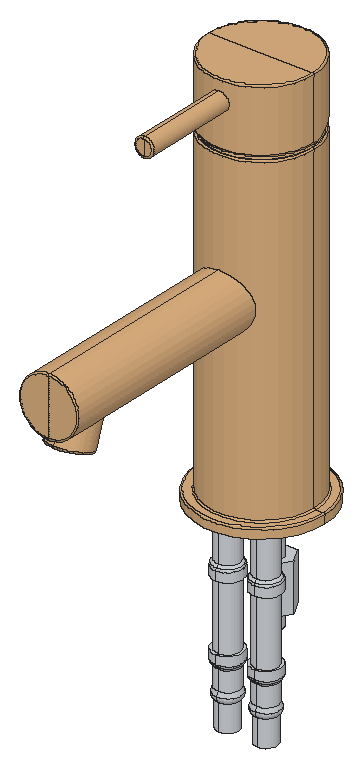
Revit family "Reece_Tap_Sussex_Scala_Basin Mixer", category Plumbing Fixtures, host Face, Revit 2018
Family settings
  Host = Face
  Round Connector Dimension = Use Diameter
  Part Type = Normal
  Cut with Voids When Loaded = No
  Shared = Yes
  Room Calculation Point = Yes
Parameters (values of type "102 mm_5 Star_Living Tumbled Brass")
  WFU = 0  # constant formula
  URL = "https://www.reece.com.au/product/-2263123"
  Type Comments = "Tap"
  Reece_Tap_Reach = 102 mm
  Reece_Tap_Inlet = 12 mm  # constant formula
  Reece_Tap_Clearance = 65 mm
  Reece_Product_Web Page = "https://www.reece.com.au/product/-2263123"
  Reece_Product_Type = "Tap"  # constant formula
  Reece_Product_Sub Brand = "Scala"  # constant formula
  Reece_Product_Number = "2263123"
  Reece_Product_Mount = "Hob Mounted"
  Reece_Product_Description = "Sussex Scala Basin Mixer Tap Living Tumbled Brass (5 Star)"
  Reece_Product_Brand = "Sussex"  # constant formula
  Reece_Pin_Projection = 85 mm
  Reece_Overall_Projection = 140 mm
  Reece_Overall_Height = 170 mm
  Reece_Overall_Diameter = 54 mm
  Reece_Material_Main = Reece_Brass_Living Tumbled
  Reece_Detail_Type = "Basin Mixer"  # constant formula
  Reece_Detail_Disclaimer = "THIS FILE IS THE PROPERTY OF THE REECE GROUP. IT MAY NOT BE REPRODUCED, REVERSE-ENGINEERED OR MODIFIED. ANY REPUBLICATION, TRANSMISSION OR DISTRIBUTION FOR THE PURPOSE OF COMMERCIALLY EXPLOITING THE FILES IS PROHIBITED."  # constant formula
  Reece_Detail_Additional = ""
  Model = "Scala"
  Manufacturer = "Sussex"
  Keynote = "Product #2263123, Reece_Tap_Sussex_Scala_Basin Mixer - 102 mm_5 Star_Living Tumbled Brass"
  HWFU = 0  # constant formula
  Disclaimer = "THIS FILE IS THE PROPERTY OF THE REECE GROUP. IT MAY NOT BE REPRODUCED, REVERSE-ENGINEERED OR MODIFIED. ANY REPUBLICATION, TRANSMISSION OR DISTRIBUTION FOR THE PURPOSE OF COMMERCIALLY EXPLOITING THE FILES IS PROHIBITED."  # constant formula
  Description = "Scala Basin Mixer Tap Living Tumbled Brass (5 Star)"
  Default Elevation = 1000 mm
  CWFU = 0  # constant formula
Types (29, lengths in mm): name | URL | Reece_Tap_Reach | Reece_Product_Web Page | Reece_Product_Number | Reece_Product_Description | Reece_Pin_Projection | Reece_Overall_Projection | Reece_Material_Main | Reece_Detail_Additional | Keynote | Description
  102 mm_6 Star_Brushed Stainless Steel | "https://www.reece.com.au/product/-2262974" | 102 | "https://www.reece.com.au/product/-2262974" | "2262974" | "Sussex Scala Basin Mixer Tap 316 Stainless Steel (6 Star)" | 85 | 140 | Reece_Metal_Brushed Stainless Steel | "" | "Product #2262974, Reece_Tap_Sussex_Scala_Basin Mixer - 102 mm_6 Star_Brushed Stainless Steel" | "Scala Basin Mixer Tap 316 Stainless Steel (6 Star)"
  102 mm_5 Star_Brushed Gold | "https://www.reece.com.au/product/-2263939" | 102 | "https://www.reece.com.au/product/-2263939" | "2263939" | "Sussex Scala Basin Mixer Tap Brushed Gold (5 Star)" | 85 | 140 | Reece_Brass_Brushed Gold | "" | "Product #2263939, Reece_Tap_Sussex_Scala_Basin Mixer - 102 mm_5 Star_Brushed Gold" | "Scala Basin Mixer Tap Brushed Gold (5 Star)"
  102 mm_5 Star_Brushed Gunmetal | "https://www.reece.com.au/product/-2263120" | 102 | "https://www.reece.com.au/product/-2263120" | "2263120" | "Sussex Scala Basin Mixer Tap Brushed Gunmetal (5 Star)" | 85 | 140 | Reece_Brass_Brushed Gunmetal | "" | "Product #2263120, Reece_Tap_Sussex_Scala_Basin Mixer - 102 mm_5 Star_Brushed Gunmetal" | "Scala Basin Mixer Tap Brushed Gunmetal (5 Star)"
  102 mm_5 Star_Brushed Nickel | "https://www.reece.com.au/product/-2263262" | 102 | "https://www.reece.com.au/product/-2263262" | "2263262" | "Sussex Scala Basin Mixer Tap Brushed Nickel (5 Star)" | 85 | 140 | Reece_Brass_Brushed Nickel | "" | "Product #2263262, Reece_Tap_Sussex_Scala_Basin Mixer - 102 mm_5 Star_Brushed Nickel" | "Scala Basin Mixer Tap Brushed Nickel (5 Star)"
  102 mm_5 Star_Chrome | "https://www.reece.com.au/product/-2261570" | 102 | "https://www.reece.com.au/product/-2261570" | "2261570" | "Sussex Scala Basin Mixer Tap Chrome (5 Star)" | 85 | 140 | Reece_Brass_Chrome | "" | "Product #2261570, Reece_Tap_Sussex_Scala_Basin Mixer - 102 mm_5 Star_Chrome" | "Scala Basin Mixer Tap Chrome (5 Star)"
  102 mm_6 Star_Chrome | "https://www.reece.com.au/product/-2262940" | 102 | "https://www.reece.com.au/product/-2262940" | "2262940" | "Sussex Scala Basin Mixer Tap Chrome (6 Star)" | 85 | 140 | Reece_Brass_Chrome | "" | "Product #2262940, Reece_Tap_Sussex_Scala_Basin Mixer - 102 mm_6 Star_Chrome" | "Scala Basin Mixer Tap Chrome (6 Star)"
  102 mm_5 Star_Living Tumbled Brass | "https://www.reece.com.au/product/-2263123" | 102 | "https://www.reece.com.au/product/-2263123" | "2263123" | "Sussex Scala Basin Mixer Tap Living Tumbled Brass (5 Star)" | 85 | 140 | Reece_Brass_Living Tumbled | "" | "Product #2263123, Reece_Tap_Sussex_Scala_Basin Mixer - 102 mm_5 Star_Living Tumbled Brass" | "Scala Basin Mixer Tap Living Tumbled Brass (5 Star)"
  102 mm_5 Star_PVD Brushed Platinum Gold | "https://www.reece.com.au/product/-2268165" | 102 | "https://www.reece.com.au/product/-2268165" | "2268165" | "Sussex Scala Basin Mixer Tap LUX PVD Brushed Platinum Gold (5 Star)" | 85 | 140 | Reece_PVD_Brushed_Platinum Gold | "" | "Product #2268165, Reece_Tap_Sussex_Scala_Basin Mixer - 102 mm_5 Star_PVD Brushed Platinum Gold" | "Scala Basin Mixer Tap LUX PVD Brushed Platinum Gold (5 Star)"
  102 mm_6 Star_PVD Brushed Platinum Gold | "https://www.reece.com.au/product/-2268168" | 102 | "https://www.reece.com.au/product/-2268168" | "2268168" | "Sussex Scala Basin Mixer Tap LUX PVD Brushed Platinum Gold (6 Star)" | 85 | 140 | Reece_PVD_Brushed_Platinum Gold | "" | "Product #2268168, Reece_Tap_Sussex_Scala_Basin Mixer - 102 mm_6 Star_PVD Brushed Platinum Gold" | "Scala Basin Mixer Tap LUX PVD Brushed Platinum Gold (6 Star)"
  102 mm_5 Star_Matte Black | "https://www.reece.com.au/product/-2263121" | 102 | "https://www.reece.com.au/product/-2263121" | "2263121" | "Sussex Scala Basin Mixer Tap Matte Black (5 Star)" | 85 | 140 | Reece_Brass_Matte Black | "" | "Product #2263121, Reece_Tap_Sussex_Scala_Basin Mixer - 102 mm_5 Star_Matte Black" | "Scala Basin Mixer Tap Matte Black (5 Star)"
  102 mm_5 Star_Satin Chrome | "https://www.reece.com.au/product/-2261666" | 102 | "https://www.reece.com.au/product/-2261666" | "2261666" | "Sussex Scala Basin Mixer Tap Satin Chrome (5 Star)" | 85 | 140 | Reece_Brass_Satin Chrome | "" | "Product #2261666, Reece_Tap_Sussex_Scala_Basin Mixer - 102 mm_5 Star_Satin Chrome" | "Scala Basin Mixer Tap Satin Chrome (5 Star)"
  102 mm_5 Star_Chrome_100mm Extension Pin | "https://www.reece.com.au/product/-2262109" | 102 | "https://www.reece.com.au/product/-2262109" | "2262109" | "Sussex Scala Basin Mixer Tap with 100mm Extension Pin Chrome (5 Star)" | 145 | 140 | Reece_Brass_Chrome | "100mm Extension Pin" | "Product #2262109, Reece_Tap_Sussex_Scala_Basin Mixer - 102 mm_5 Star_Chrome_100mm Extension Pin" | "Scala Basin Mixer Tap with 100mm Extension Pin Chrome (5 Star)"
  102 mm_6 Star_Chrome_100mm Extension Pin | "https://www.reece.com.au/product/-2262943" | 102 | "https://www.reece.com.au/product/-2262943" | "2262943" | "Sussex Scala Basin Mixer Tap with 100mm Extension Pin Chrome (6 Star)" | 145 | 140 | Reece_Brass_Chrome | "100mm Extension Pin" | "Product #2262943, Reece_Tap_Sussex_Scala_Basin Mixer - 102 mm_6 Star_Chrome_100mm Extension Pin" | "Scala Basin Mixer Tap with 100mm Extension Pin Chrome (6 Star)"
  102 mm_5 Star_PVD Brushed Platinum Gold_100mm Extension Pin | "https://www.reece.com.au/product/-2268171" | 102 | "https://www.reece.com.au/product/-2268171" | "2268171" | "Sussex Scala Basin Mixer Tap with 100mm Extension Pin LUX PVD Brushed Platinum Gold (5 Star)" | 145 | 140 | Reece_PVD_Brushed_Platinum Gold | "100mm Extension Pin" | "Product #2268171, Reece_Tap_Sussex_Scala_Basin Mixer - 102 mm_5 Star_PVD Brushed Platinum Gold_100mm Extension Pin" | "Scala Basin Mixer Tap with 100mm Extension Pin LUX PVD Brushed Platinum Gold (5 Star)"
  102 mm_6 Star_PVD Brushed Platinum Gold_100mm Extension Pin | "https://www.reece.com.au/product/-2268172" | 102 | "https://www.reece.com.au/product/-2268172" | "2268172" | "Sussex Scala Basin Mixer Tap with 100mm Extension Pin LUX PVD Brushed Platinum Gold (6 Star)" | 145 | 140 | Reece_PVD_Brushed_Platinum Gold | "100mm Extension Pin" | "Product #2268172, Reece_Tap_Sussex_Scala_Basin Mixer - 102 mm_6 Star_PVD Brushed Platinum Gold_100mm Extension Pin" | "Scala Basin Mixer Tap with 100mm Extension Pin LUX PVD Brushed Platinum Gold (6 Star)"
  142 mm_5 Star_Chrome_130mm Outlet | "https://www.reece.com.au/product/-2262939" | 142 | "https://www.reece.com.au/product/-2262939" | "2262939" | "Sussex Scala Basin Mixer Tap with 130mm Outlet Chrome (5 Star)" | 85 | 179 | Reece_Brass_Chrome | "130mm Outlet" | "Product #2262939, Reece_Tap_Sussex_Scala_Basin Mixer - 142 mm_5 Star_Chrome_130mm Outlet" | "Scala Basin Mixer Tap with 130mm Outlet Chrome (5 Star)"
  142 mm_6 Star_Chrome_130mm Outlet | "https://www.reece.com.au/product/-2262941" | 142 | "https://www.reece.com.au/product/-2262941" | "2262941" | "Sussex Scala Basin Mixer Tap with 130mm Outlet Chrome (6 Star)" | 85 | 179 | Reece_Brass_Chrome | "130mm Outlet" | "Product #2262941, Reece_Tap_Sussex_Scala_Basin Mixer - 142 mm_6 Star_Chrome_130mm Outlet" | "Scala Basin Mixer Tap with 130mm Outlet Chrome (6 Star)"
  142 mm_5 Star_PVD Brushed Platinum Gold_130mm Outlet | "https://www.reece.com.au/product/-2268166" | 142 | "https://www.reece.com.au/product/-2268166" | "2268166" | "Sussex Scala Basin Mixer Tap with 130mm Outlet LUX PVD Brushed Platinum Gold (5 Star)" | 85 | 179 | Reece_PVD_Brushed_Platinum Gold | "130mm Outlet" | "Product #2268166, Reece_Tap_Sussex_Scala_Basin Mixer - 142 mm_5 Star_PVD Brushed Platinum Gold_130mm Outlet" | "Scala Basin Mixer Tap with 130mm Outlet LUX PVD Brushed Platinum Gold (5 Star)"
  142 mm_6 Star_PVD Brushed Platinum Gold_130mm Outlet | "https://www.reece.com.au/product/-2268169" | 142 | "https://www.reece.com.au/product/-2268169" | "2268169" | "Sussex Scala Basin Mixer Tap with 130mm Outlet LUX PVD Brushed Platinum Gold (6 Star)" | 85 | 179 | Reece_PVD_Brushed_Platinum Gold | "130mm Outlet" | "Product #2268169, Reece_Tap_Sussex_Scala_Basin Mixer - 142 mm_6 Star_PVD Brushed Platinum Gold_130mm Outlet" | "Scala Basin Mixer Tap with 130mm Outlet LUX PVD Brushed Platinum Gold (6 Star)"
  102 mm_5 Star_Brushed Nickel_150mm Extension Pin | "https://www.reece.com.au/product/-2263599" | 102 | "https://www.reece.com.au/product/-2263599" | "2263599" | "Sussex Scala Basin Mixer Tap with 150mm Extension Pin Brushed Nickel (5 Star)" | 195 | 140 | Reece_Brass_Brushed Nickel | "150mm Extension Pin" | "Product #2263599, Reece_Tap_Sussex_Scala_Basin Mixer - 102 mm_5 Star_Brushed Nickel_150mm Extension Pin" | "Scala Basin Mixer Tap with 150mm Extension Pin Brushed Nickel (5 Star)"
  102 mm_5 Star_Chrome_150mm Extension Pin | "https://www.reece.com.au/product/-2262110" | 102 | "https://www.reece.com.au/product/-2262110" | "2262110" | "Sussex Scala Basin Mixer Tap with 150mm Extension Pin Chrome (5 Star)" | 195 | 140 | Reece_Brass_Chrome | "150mm Extension Pin" | "Product #2262110, Reece_Tap_Sussex_Scala_Basin Mixer - 102 mm_5 Star_Chrome_150mm Extension Pin" | "Scala Basin Mixer Tap with 150mm Extension Pin Chrome (5 Star)"
  102 mm_6 Star_Chrome_150mm Extension Pin | "https://www.reece.com.au/product/-2262944" | 102 | "https://www.reece.com.au/product/-2262944" | "2262944" | "Sussex Scala Basin Mixer Tap with 150mm Extension Pin Chrome (6 Star)" | 195 | 140 | Reece_Brass_Chrome | "150mm Extension Pin" | "Product #2262944, Reece_Tap_Sussex_Scala_Basin Mixer - 102 mm_6 Star_Chrome_150mm Extension Pin" | "Scala Basin Mixer Tap with 150mm Extension Pin Chrome (6 Star)"
  102 mm_5 Star_PVD Brushed Platinum Gold_150mm Extension Pin | "https://www.reece.com.au/product/-2268173" | 102 | "https://www.reece.com.au/product/-2268173" | "2268173" | "Sussex Scala Basin Mixer Tap with 150mm Extension Pin LUX PVD Brushed Platinum Gold (5 Star)" | 195 | 140 | Reece_PVD_Brushed_Platinum Gold | "150mm Extension Pin" | "Product #2268173, Reece_Tap_Sussex_Scala_Basin Mixer - 102 mm_5 Star_PVD Brushed Platinum Gold_150mm Extension Pin" | "Scala Basin Mixer Tap with 150mm Extension Pin LUX PVD Brushed Platinum Gold (5 Star)"
  102 mm_6 Star_PVD Brushed Platinum Gold_150mm Extension Pin | "https://www.reece.com.au/product/-2268174" | 102 | "https://www.reece.com.au/product/-2268174" | "2268174" | "Sussex Scala Basin Mixer Tap with 150mm Extension Pin LUX PVD Brushed Platinum Gold (6 Star)" | 195 | 140 | Reece_PVD_Brushed_Platinum Gold | "150mm Extension Pin" | "Product #2268174, Reece_Tap_Sussex_Scala_Basin Mixer - 102 mm_6 Star_PVD Brushed Platinum Gold_150mm Extension Pin" | "Scala Basin Mixer Tap with 150mm Extension Pin LUX PVD Brushed Platinum Gold (6 Star)"
  102 mm_5 Star_Matte Black_150mm Extension Pin | "https://www.reece.com.au/product/-2263432" | 102 | "https://www.reece.com.au/product/-2263432" | "2263432" | "Sussex Scala Basin Mixer Tap with 150mm Extension Pin Matte Black (5 Star)" | 195 | 140 | Reece_Brass_Matte Black | "150mm Extension Pin" | "Product #2263432, Reece_Tap_Sussex_Scala_Basin Mixer - 102 mm_5 Star_Matte Black_150mm Extension Pin" | "Scala Basin Mixer Tap with 150mm Extension Pin Matte Black (5 Star)"
  162 mm_5 Star_Chrome_150mm Outlet | "https://www.reece.com.au/product/-2262509" | 162 | "https://www.reece.com.au/product/-2262509" | "2262509" | "Sussex Scala Basin Mixer Tap with 150mm Outlet Chrome (5 Star)" | 85 | 199 | Reece_Brass_Chrome | "150mm Outlet" | "Product #2262509, Reece_Tap_Sussex_Scala_Basin Mixer - 162 mm_5 Star_Chrome_150mm Outlet" | "Scala Basin Mixer Tap with 150mm Outlet Chrome (5 Star)"
  162 mm_6 Star_Chrome_150mm Outlet | "https://www.reece.com.au/product/-2262942" | 162 | "https://www.reece.com.au/product/-2262942" | "2262942" | "Sussex Scala Basin Mixer Tap with 150mm Outlet Chrome (6 Star)" | 85 | 199 | Reece_Brass_Chrome | "150mm Outlet" | "Product #2262942, Reece_Tap_Sussex_Scala_Basin Mixer - 162 mm_6 Star_Chrome_150mm Outlet" | "Scala Basin Mixer Tap with 150mm Outlet Chrome (6 Star)"
  162 mm_5 Star_PVD Brushed Platinum Gold_150mm Outlet | "https://www.reece.com.au/product/-2268167" | 162 | "https://www.reece.com.au/product/-2268167" | "2268167" | "Sussex Scala Basin Mixer Tap with 150mm Outlet LUX PVD Brushed Platinum Gold (5 Star)" | 85 | 199 | Reece_PVD_Brushed_Platinum Gold | "150mm Outlet" | "Product #2268167, Reece_Tap_Sussex_Scala_Basin Mixer - 162 mm_5 Star_PVD Brushed Platinum Gold_150mm Outlet" | "Scala Basin Mixer Tap with 150mm Outlet LUX PVD Brushed Platinum Gold (5 Star)"
  162 mm_6 Star_PVD Brushed Platinum Gold_150mm Outlet | "https://www.reece.com.au/product/-2268170" | 162 | "https://www.reece.com.au/product/-2268170" | "2268170" | "Sussex Scala Basin Mixer Tap with 150mm Outlet LUX PVD Brushed Platinum Gold (6 Star)" | 85 | 199 | Reece_PVD_Brushed_Platinum Gold | "150mm Outlet" | "Product #2268170, Reece_Tap_Sussex_Scala_Basin Mixer - 162 mm_6 Star_PVD Brushed Platinum Gold_150mm Outlet" | "Scala Basin Mixer Tap with 150mm Outlet LUX PVD Brushed Platinum Gold (6 Star)"
Reference planes
  plane 1 "Center (Front/Back)": y = 0
  plane 2 "Bottom": z = 0
  plane 3 "Center (Left/Right)": x = 0
  plane 4 "Top": z = 170
  plane 5: z = 65
  plane 6: z = 139
  plane 7: z = 143
  plane 8: y = -102
  plane 9: z = 84.6
  plane 10: x = 22.5
  plane 11: x = -22.5
  plane 12: x = -27
  plane 13: x = 27
  plane 14: y = 27
  plane 15: y = -113
  plane 16: y = 22.5
  plane 17: y = -62.5
  plane 18: z = 141.4
  plane 19: y = -22.5
  plane 20: y = -27
Forms (mm)
  Revolve 1, solid, material "Reece_Brass_Living Tumbled" <- "Reece_Material_Main"
    sketch origin (0, 0, 0) x (-1, 0, 0) y (0, 0, 1)
      loop
        line (0, 1.889) -> (0, 141.4) -> (-21.966, 141.4)
        arc (-21.966, 141.4) -> (-22.344, 141.244) -> (-22.5, 140.866) r 0.534
        line (-22.5, 140.866) -> (-22.5, 4.6)
        arc (-22.5, 4.6) -> (-22.676, 4.176) -> (-23.1, 4) r 0.6
        line (-23.1, 4) -> (-26.4, 4)
        arc (-26.4, 4) -> (-26.824, 3.824) -> (-27, 3.4) r 0.6
        line (-27, 3.4) -> (-27, 0) -> (-24.693, 0) -> (-24.693, 1.889) -> (0, 1.889)
      axis (0, 141.4) -> (0, 0)
    angle from 0 to 360
  Revolve 2, solid, material "Reece_Brass_Living Tumbled" <- "Reece_Material_Main"
    sketch origin (0, 64.5, 100) x (0, 0, -1) y (0, 1, 0)
      loop
        line (-41.4, -85.706) -> (-41.4, -64.5) -> (-58.223, -64.5)
        arc (-58.223, -64.5) -> (-53.896, -78.343) -> (-41.4, -85.706) r 20.173
      axis (-58.223, -64.5) -> (-41.4, -64.5)
    angle from 0 to 360
  Revolve 3, solid, material "Reece_Brass_Living Tumbled" <- "Reece_Material_Main"
    sketch origin (0, 64.5, 100) x (0, 0, -1) y (0, 1, 0)
      loop
        line (-61.35, -127) -> (-61.35, -73.2) -> (-65.35, -73.2) -> (-65.35, -126.385)
        arc (-65.35, -126.385) -> (-65.17, -126.82) -> (-64.735, -127) r 0.615
        line (-64.735, -127) -> (-61.35, -127)
      axis (-61.35, -127) -> (-61.35, -73.2)
    angle from 0 to 360
  Revolve 4, solid, material "Reece_Brass_Living Tumbled" <- "Reece_Material_Main"
    sketch origin (0, 0, 19.6) x (0, 1, 0) y (0, 0, 1)
      loop
        line (0, 65) -> (0, 77.5) -> (-112.499, 77.5)
        arc (-112.499, 77.5) -> (-112.853, 77.353) -> (-113, 76.999) r 0.501
        line (-113, 76.999) -> (-113, 65) -> (0, 65)
      axis (0, 65) -> (-113, 65)
    angle from 0 to 360
  Revolve 5, solid, material "Reece_Brass_Living Tumbled" <- "Reece_Material_Main"
    sketch origin (0, -27.039, -21.581) x (0, 0.945519, -0.325568) y (0, 0.325568, 0.945519)
      loop
        line (-106.565, 57.459) -> (-106.565, 61.389) -> (-105.753, 61.389) -> (-105.753, 57.459) -> (-104.913, 57.459) -> (-104.913, 58.523) -> (-99.065, 58.523) -> (-99.065, 80.135) -> (-108.065, 80.135) -> (-108.065, 58.036)
        arc (-108.065, 58.036) -> (-107.895, 57.628) -> (-107.487, 57.459) r 0.578
        line (-107.487, 57.459) -> (-106.565, 57.459)
      axis (-99.065, 80.135) -> (-99.065, 57.459)
    angle from 0 to 360
  Extrusion 6, void
    sketch origin (0, 0, 0) x (1, 0, 0) y (0, 1, 0)
      loop
        circle (0, 0) r 15.193
    from -15.592 to 15.518
  Revolve 7, solid
    sketch origin (0, -6.983, -4.38) x (0, 1, 0) y (0, 0, 1)
      loop
        line (11.924, 6.27) -> (11.924, -47)
        arc (11.924, -47) -> (12.07, -47.353) -> (12.424, -47.5) r 0.5
        line (12.424, -47.5) -> (14.924, -47.5) -> (14.924, 6.27) -> (11.924, 6.27)
      axis (14.924, -47.5) -> (14.924, 6.27)
    angle from 0 to 360
  Extrusion 8, solid
    sketch origin (619.2, -626.183, -34.38) x (1, 0, 0) y (0, 1, 0)
      loop
        circle (-619.2, 634.124) r 3
      loop
        line (-622.996, 640.698) -> (-626.791, 634.124) -> (-622.996, 627.549) -> (-615.404, 627.549) -> (-611.609, 634.124) -> (-615.404, 640.698) -> (-622.996, 640.698)
    from -10 to 10
  Revolve 9, solid
    sketch origin (-8.271, -4579.5, 333.442) x (0, 0, 1) y (0, -1, 0)
      loop
        line (-389.647, -4565.8) -> (-393.549, -4565.8)
        arc (-393.549, -4565.8) -> (-394.023, -4565.877) -> (-394.449, -4566.101) r 1.5
        line (-394.449, -4566.101) -> (-395.687, -4567.03) -> (-404.047, -4567.03) -> (-406.076, -4566.425)
        arc (-406.076, -4566.425) -> (-407.469, -4566.518) -> (-408.462, -4567.5) r 2
        line (-408.462, -4567.5) -> (-419.774, -4567.5) -> (-419.774, -4572) -> (-331.553, -4572) -> (-331.553, -4568.64) -> (-338.011, -4568.64) -> (-338.011, -4567.03) -> (-355.506, -4567.03) -> (-356.743, -4566.101)
        arc (-356.743, -4566.101) -> (-357.169, -4565.877) -> (-357.644, -4565.8) r 1.5
        line (-357.644, -4565.8) -> (-361.546, -4565.8) -> (-361.546, -4567) -> (-389.647, -4567) -> (-389.647, -4565.8)
      axis (-419.774, -4572) -> (-331.553, -4572)
    angle from 0 to 360
  Revolve 10, solid
    sketch origin (8.029, -4579.5, 333.442) x (0, 0, 1) y (0, 1, 0)
      loop
        line (-389.647, 4565.8) -> (-389.647, 4567) -> (-361.546, 4567) -> (-361.546, 4565.8) -> (-357.644, 4565.8)
        arc (-357.644, 4565.8) -> (-357.169, 4565.877) -> (-356.743, 4566.101) r 1.5
        line (-356.743, 4566.101) -> (-355.506, 4567.03) -> (-338.011, 4567.03) -> (-338.011, 4568.64) -> (-331.553, 4568.64) -> (-331.553, 4572) -> (-419.774, 4572) -> (-419.774, 4567.5) -> (-408.462, 4567.5)
        arc (-408.462, 4567.5) -> (-407.469, 4566.518) -> (-406.076, 4566.425) r 2
        line (-406.076, 4566.425) -> (-404.047, 4567.03) -> (-395.687, 4567.03) -> (-394.449, 4566.101)
        arc (-394.449, 4566.101) -> (-394.023, 4565.877) -> (-393.549, 4565.8) r 1.5
        line (-393.549, 4565.8) -> (-389.647, 4565.8)
      axis (-419.774, 4572) -> (-331.553, 4572)
    angle from 0 to 360
  Revolve 11, solid, material "Reece_Brass_Living Tumbled" <- "Reece_Material_Main"
    sketch origin (0, 0, 0) x (-1, 0, 0) y (0, 0, 1)
      loop
        line (0, 170) -> (-21.923, 170)
        arc (-21.923, 170) -> (-22.331, 169.831) -> (-22.5, 169.423) r 0.577
        line (-22.5, 169.423) -> (-22.5, 143.534)
        arc (-22.5, 143.534) -> (-22.343, 143.157) -> (-21.966, 143) r 0.534
        line (-21.966, 143) -> (0, 143) -> (0, 170)
      axis (0, 143) -> (0, 170)
    angle from 0 to 360
  Extrusion 12, void
    sketch origin (0, 0, 0) x (0, 1, 0) y (0, 0, 1)
      loop
        line (-2.098, 142.195) -> (25, 142.195) -> (25, 152.597) -> (-2.098, 142.195)
    from -31.056 to 34.748
Cuts and joins
  Extrusion 12 cuts Revolve 11
  joined: Revolve 1, Revolve 2, Revolve 3, Revolve 4, Revolve 5, Revolve 11
Text (mm)
  text "Reece Copyright © 2018, Reece Ltd." at (-370.184, -201.3, 0), in view "Ref. Level"
  text "Reece ©" at (44.384, 258.95, 192.345), in view "Reece Preview"
Dimensions and locks
  "Reece_Tap_Clearance": plane 5 to host face
  "Reece_Overall_Height": plane 4 "Top" to host face
  "Reece_Tap_Reach": plane 1 "Center (Front/Back)" to plane 8
  locked: plane 9 to plane 5 at 19.6
  "Reece_Overall_Height": plane 4 "Top" to plane 2 "Bottom"
  equal spacing: plane 12, plane 3 "Center (Left/Right)", plane 13
  plane 11 to plane 10 = 45 mm
  "Reece_Overall_Projection": plane 14 to plane 15
  locked: plane 4 "Top" to plane 7 at 27
  cut or joined group of Revolve 1, Revolve 2, Revolve 3, Revolve 4, Revolve 5, Revolve 11, Extrusion 12 to cut or joined group of Revolve 1, Revolve 2, Revolve 3, Revolve 4, Revolve 5, Revolve 11, Extrusion 12 = 25 mm
  "Reece_Pin_Projection": plane 16 to plane 17
  plane 16 to plane 1 "Center (Front/Back)" to plane 19 to plane 17 = 22.5 mm, 22.5 mm, 40 mm
  "Reece_Overall_Diameter": plane 14 to plane 20
  equal spacing: plane 14, plane 1 "Center (Front/Back)", plane 20, locked at 27 each
  aligned and locked: plane 2 "Bottom" to host face
  aligned and locked: level to host face
  aligned and locked: Revolve 4 sketch curve to plane 9
  aligned and locked: Revolve 4 sketch curve to plane 15
  aligned and locked: plane 18 to Revolve 1 sketch curve
Automatic sketch dimensions
  host sketch curve to host sketch curve = 380.785 mm
  host sketch curve to host sketch curve = 317.421 mm
  Revolve 1 sketch curve to plane 13 = 0 mm
  Revolve 1 sketch curve to level = 0 mm
  Revolve 1 sketch curve to plane 10 = 0 mm
  Revolve 1 sketch curve to plane 3 "Center (Left/Right)" = 0 mm  (x2)
  Revolve 1 sketch curve to Revolve 1 sketch curve = 0.6 mm
  plane 10 to Revolve 1 sketch curve = 2.193 mm
  plane 10 to Revolve 1 sketch curve = 0.6 mm
  Revolve 1 sketch curve to Revolve 1 sketch curve = 0.534 mm
  level to Revolve 1 sketch curve = 1.889 mm
  Revolve 1 sketch curve to Revolve 1 sketch curve = 1.511 mm
  Revolve 1 sketch curve to level = 30 mm
  Revolve 1 sketch curve to Revolve 1 sketch curve = 23.111 mm
  Revolve 4 sketch curve to plane 9 = 0 mm
  Revolve 4 sketch curve to plane 8 = 0 mm
  Revolve 4 sketch curve to plane 1 "Center (Front/Back)" = 0 mm
  plane 15 to Revolve 4 sketch curve = 0.501 mm
  plane 9 to Revolve 4 sketch curve = 11.999 mm
  Revolve 4 sketch curve to plane 15 = 0.92 mm
  plane 1 "Center (Front/Back)" to Extrusion 6 sketch curve = 0 mm
  Extrusion 6 sketch curve to plane 3 "Center (Left/Right)" = 0 mm
  level to Revolve 7 sketch curve = 1.889 mm
  Revolve 7 sketch curve to plane 1 "Center (Front/Back)" = 4.941 mm
  Revolve 7 sketch curve to Revolve 7 sketch curve = 0.5 mm
  Revolve 7 sketch curve to Revolve 7 sketch curve = 2.5 mm
  Revolve 7 sketch curve to level = 51.38 mm
  Revolve 7 sketch curve to plane 1 "Center (Front/Back)" = 7.941 mm
  Revolve 7 sketch curve to Revolve 7 sketch curve = 0 mm
  Revolve 7 sketch curve to Revolve 7 sketch curve = 13.87 mm
  Extrusion 8 sketch curve to Extrusion 8 sketch curve = 0 mm  (x3)
  Extrusion 8 sketch curve to plane 3 "Center (Left/Right)" = 0 mm
  Extrusion 8 sketch curve to plane 3 "Center (Left/Right)" = 3.796 mm  (x2)
  Extrusion 8 sketch curve to plane 1 "Center (Front/Back)" = 1.367 mm
  Extrusion 8 sketch curve to plane 3 "Center (Left/Right)" = 7.591 mm
  plane 3 "Center (Left/Right)" to Extrusion 8 sketch curve = 3.796 mm  (x2)
  Extrusion 8 sketch curve to Extrusion 8 sketch curve = 3.796 mm
  Extrusion 8 sketch curve to Extrusion 8 sketch curve = 6.574 mm  (x3)
  Extrusion 8 sketch curve to Extrusion 8 sketch curve = 3 mm
  plane 1 "Center (Front/Back)" to Revolve 9 sketch curve = 12 mm
  Revolve 9 sketch curve to level = 86.332 mm
  Revolve 9 sketch curve to Revolve 9 sketch curve = 11.313 mm
  Revolve 9 sketch curve to Revolve 9 sketch curve = 1.814 mm
  plane 1 "Center (Front/Back)" to Revolve 9 sketch curve = 13.075 mm
  Revolve 9 sketch curve to Revolve 9 sketch curve = 0.571 mm
  plane 1 "Center (Front/Back)" to Revolve 9 sketch curve = 12.47 mm
  Revolve 9 sketch curve to Revolve 9 sketch curve = 2.029 mm
  Revolve 9 sketch curve to Revolve 9 sketch curve = 8.36 mm
  plane 1 "Center (Front/Back)" to Revolve 9 sketch curve = 13.399 mm  (x2)
  Revolve 9 sketch curve to Revolve 9 sketch curve = 1.238 mm  (x2)
  Revolve 9 sketch curve to Revolve 9 sketch curve = 0.901 mm  (x2)
  Revolve 9 sketch curve to Revolve 9 sketch curve = 3.901 mm  (x2)
  plane 1 "Center (Front/Back)" to Revolve 9 sketch curve = 13.7 mm
  Revolve 9 sketch curve to Revolve 9 sketch curve = 28.102 mm
  Revolve 9 sketch curve to level = 4.568 mm
  level to Revolve 9 sketch curve = 1.889 mm
  plane 1 "Center (Front/Back)" to Revolve 9 sketch curve = 10.86 mm
  Revolve 9 sketch curve to Revolve 9 sketch curve = 4.5 mm
  Revolve 9 sketch curve to Revolve 9 sketch curve = 1.199 mm
  Revolve 9 sketch curve to Revolve 9 sketch curve = 1.61 mm
  Revolve 9 sketch curve to Revolve 9 sketch curve = 1.2 mm
  plane 1 "Center (Front/Back)" to Revolve 9 sketch curve = 7.5 mm
  Revolve 9 sketch curve to Revolve 9 sketch curve = 71.41 mm
  Revolve 9 sketch curve to level = 1.522 mm
  plane 1 "Center (Front/Back)" to Revolve 10 sketch curve = 12 mm
  Revolve 10 sketch curve to level = 86.332 mm
  Revolve 10 sketch curve to Revolve 10 sketch curve = 11.313 mm
  Revolve 10 sketch curve to Revolve 10 sketch curve = 1.814 mm
  plane 1 "Center (Front/Back)" to Revolve 10 sketch curve = 13.075 mm
  Revolve 10 sketch curve to Revolve 10 sketch curve = 0.571 mm
  plane 1 "Center (Front/Back)" to Revolve 10 sketch curve = 12.47 mm  (x2)
  Revolve 10 sketch curve to Revolve 10 sketch curve = 2.029 mm
  Revolve 10 sketch curve to Revolve 10 sketch curve = 8.36 mm
  plane 1 "Center (Front/Back)" to Revolve 10 sketch curve = 13.399 mm  (x2)
  Revolve 10 sketch curve to Revolve 10 sketch curve = 1.238 mm  (x2)
  Revolve 10 sketch curve to Revolve 10 sketch curve = 0.901 mm  (x2)
  Revolve 10 sketch curve to Revolve 10 sketch curve = 3.901 mm  (x2)
  plane 1 "Center (Front/Back)" to Revolve 10 sketch curve = 13.7 mm
  Revolve 10 sketch curve to Revolve 10 sketch curve = 28.102 mm
  Revolve 10 sketch curve to level = 4.568 mm
  level to Revolve 10 sketch curve = 1.889 mm
  Revolve 10 sketch curve to Revolve 10 sketch curve = 0.301 mm
  Revolve 10 sketch curve to Revolve 10 sketch curve = 1.2 mm
  Revolve 10 sketch curve to Revolve 10 sketch curve = 1.61 mm
  Revolve 10 sketch curve to Revolve 10 sketch curve = 4.5 mm
  plane 1 "Center (Front/Back)" to Revolve 10 sketch curve = 7.5 mm
  Revolve 10 sketch curve to Revolve 10 sketch curve = 71.41 mm
  Revolve 10 sketch curve to level = 1.522 mm
  Revolve 11 sketch curve to plane 10 = 0 mm
  Revolve 11 sketch curve to plane 7 = 0 mm
  Revolve 11 sketch curve to plane 4 "Top" = 0 mm
  Revolve 11 sketch curve to plane 3 "Center (Left/Right)" = 0 mm  (x2)
  Revolve 11 sketch curve to plane 10 = 0.534 mm
  Revolve 11 sketch curve to Revolve 11 sketch curve = 0.577 mm
  Revolve 11 sketch curve to plane 4 "Top" = 4.31 mm
  plane 4 "Top" to Revolve 11 sketch curve = 1.708 mm
  Extrusion 12 sketch curve to plane 7 = 0.805 mm
  plane 1 "Center (Front/Back)" to Extrusion 12 sketch curve = 2.098 mm
  Extrusion 12 sketch curve to plane 14 = 2 mm
  plane 7 to Extrusion 12 sketch curve = 9.597 mm
  Revolve 3 sketch curve to plane 17 = 0 mm
  Revolve 3 sketch curve to plane 4 "Top" = 4.65 mm
  Revolve 3 sketch curve to Revolve 3 sketch curve = 0.615 mm
  Revolve 3 sketch curve to Revolve 3 sketch curve = 4 mm
  plane 1 "Center (Front/Back)" to Revolve 3 sketch curve = 8.7 mm
  Revolve 3 sketch curve to Revolve 3 sketch curve = 0 mm
  Revolve 3 sketch curve to Revolve 3 sketch curve = 5 mm
  Revolve 3 sketch curve to Revolve 3 sketch curve = 2.831 mm
  Revolve 2 sketch curve to plane 1 "Center (Front/Back)" = 0 mm  (x2)
  Revolve 2 sketch curve to plane 4 "Top" = 11.777 mm
  Revolve 2 sketch curve to plane 7 = 1.6 mm
  Revolve 2 sketch curve to plane 6 = 0.908 mm
  plane 1 "Center (Front/Back)" to Revolve 2 sketch curve = 1.306 mm
  Revolve 2 sketch curve to plane 7 = 0.299 mm
  Revolve 2 sketch curve to Revolve 2 sketch curve = 0.559 mm
  plane 8 to Revolve 5 sketch curve = 1.127 mm
  plane 9 to Revolve 5 sketch curve = 4.771 mm
  Revolve 5 sketch curve to Revolve 5 sketch curve = 0.578 mm
  Revolve 5 sketch curve to Revolve 5 sketch curve = 0.922 mm
  Revolve 5 sketch curve to Revolve 5 sketch curve = 0.812 mm
  Revolve 5 sketch curve to Revolve 5 sketch curve = 0.84 mm
  Revolve 5 sketch curve to Revolve 5 sketch curve = 9 mm
  Revolve 5 sketch curve to Revolve 5 sketch curve = 21.612 mm
  Revolve 5 sketch curve to Revolve 5 sketch curve = 0 mm  (x2)
  Revolve 5 sketch curve to Revolve 5 sketch curve = 7.954 mm
  Revolve 5 sketch curve to Revolve 5 sketch curve = 1.064 mm
  Revolve 5 sketch curve to Revolve 5 sketch curve = 8.935 mm
  Revolve 5 sketch curve to Revolve 5 sketch curve = 2.866 mm
  radius of Extrusion 6 sketch curve = 15.193 mm
Connectors
  piping at (-8.271, -7.5, -86.332), diameter 12, driven by "Reece_Tap_Inlet"
    settings: on Revolve 9, index 1, connector inside diameter 609.6 mm, connector length 0 mm, flow factor 0, pipe flow 0.0 L/s, pressure drop 0.0 Pa, fitting loss kfactor 0, connector angle 0.00°, fixture units 0, engagement length 0 mm, angle of deflection 0.00°, flow configuration 0, flow direction 1, fitting loss method 0, system type 29, joint type 0, gender type 0, connector reference index -1, connector utility 0, adjustable connector no, is connector primary yes, connector description ""
  piping at (8.029, -7.5, -86.332), diameter 12, driven by "Reece_Tap_Inlet"
    settings: on Revolve 10, index 2, connector inside diameter 609.6 mm, connector length 0 mm, flow factor 0, pipe flow 0.0 L/s, pressure drop 0.0 Pa, fitting loss kfactor 0, connector angle 0.00°, fixture units 0, engagement length 0 mm, angle of deflection 0.00°, flow configuration 0, flow direction 1, fitting loss method 0, system type 29, joint type 0, gender type 0, connector reference index -1, connector utility 0, adjustable connector no, is connector primary no, connector description ""
